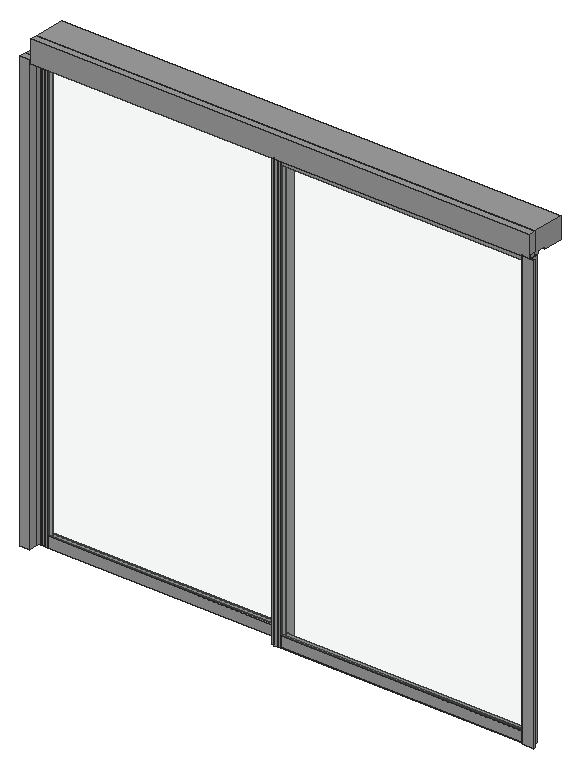
Revit family "agtatec_Record_SldngDrset_E-STA_Standalone", category Doors, Revit 2015
Parameters (values of type "E-STA-L 108 mm drive unit height - left - with side panel")
  WithoutSidePanels = and(not(RightPanel), not(LeftPanel))  # no
  WithoutDriveCladding(OnlyApplicableForTypesWithoutSidePanels) = not(WithDriveCladding)  # no
  WithinStandardSizes = and(OpeningWidth > 799.90 mm, OpeningWidth < 3000.10 mm, ClearHeightOfPassage < 3000.10 mm, ClearHeightOfPassage > 1999.90 mm)  # yes
  WithDriveCladding = yes
  Weight = "Depends on configuration and size"
  WarrantyDurationUnit = "Depends on country"
  WallOpeningWidth = if(and(RightPanel, LeftPanel), OpeningWidth + SidePanelWidthRight + SidePanelWidthLeft, if(RightPanel, OpeningWidth + SidePanelWidthRight, if(LeftPanel, OpeningWidth + SidePanelWidthLeft, OpeningWidth)))  # 2500.00 mm
  WallMountingRight = and(WallMountingProfile, RightPanel)  # no
  WallMountingProfile = yes
  WallMountingLeft = and(WallMountingProfile, LeftPanel)  # yes
  TotalWidth = if(LeftPanel, SidePanelWidthLeft + OpeningWidth + 55.00 mm, if(RightPanel, SidePanelWidthRight + OpeningWidth + 55.00 mm, OpeningWidth + 110.00 mm))  # 2555.00 mm
  TotalHeight = ClearHeightOfPassage + DriveUnitHeight  # 2295.00 mm
  SustainabilityPerformance = "n/a"
  SupportLengthRight = if(InterlancingProfileRight, (OpeningWidth - 46.00 mm) / 2 + SidePanelWidthRight + DriveUnitExtraWidthRight, (OpeningWidth / 2) + 16.00 mm)  # 616.00 mm
  SupportLengthLeft = if(InterlancingProfileLeft, (OpeningWidth - 46.00 mm) / 2 + SidePanelWidthLeft + DriveUnitExtraWidthLeft, (OpeningWidth / 2) + 16.00 mm)  # 1877.00 mm
  SupportLength = SupportLengthRight + SupportLengthLeft  # 2493.00 mm
  SidePanelWidthRight = OpeningWidth + 100.00 mm + ExtraRight  # 1300.00 mm
  SidePanelWidthLeft = OpeningWidth + 100.00 mm + ExtraLeft  # 1300.00 mm
  SidePanelMinimumStandard = InnerPanelWidth + 50.00 mm  # 1282.00 mm
  ServiceLifeType = "n/a"
  SecurityRating = "None"
  RightPanel = no
  Revision = "n/a"
  ProfileOpeningRight = if(InterlancingProfileLeft, DoorOpeningRestriction, 0.00 mm)  # 0.00 mm
  ProfileOpeningLeft = if(InterlancingProfileRight, DoorOpeningRestriction, 0.00 mm)  # 0.00 mm
  ProductInformation = "www.agta-record.com"
  Process = "n/a"
  PassageMountingRight = and([PassageMountingProfile(OnlyApplicableForTypesWithTwoSidePanels)], RightPanel)  # no
  PassageMountingProfile(OnlyApplicableForTypesWithTwoSidePanels) = not(WallMountingProfile)  # no
  PassageMountingLeft = and([PassageMountingProfile(OnlyApplicableForTypesWithTwoSidePanels)], LeftPanel)  # no
  PanelHeight = ClearHeightOfPassage + 13.00 mm  # 2200.00 mm
  PanelFrames = agtatec_Record_Sliding Door, Aluminium
  PanelFill = agtatec_Record_Sliding Door, Laminated Safety Glass (Clear)
  OuterPanelWidthRight = OpeningWidth + 73.00 mm + ExtraRight  # 1273.00 mm
  OuterPanelWidthLeft = OpeningWidth + 73.00 mm + ExtraLeft  # 1273.00 mm
  OpeningWidth = 1200.00 mm
  Name = "SldngDrset_E-STA_Standalone_Record"
  NBSTypeID = "n/a"
  NBSReference = "25-50-20/175"
  NBSOfficeMasterTag = "n/a"
  NBSNote = "n/a"
  NBSDescription = "Sliding Doorset"
  NBSCertification = "n/a"
  ModelNumber = "n/a"
  ModelLabel = "n/a"
  MethodOfMeasurement = "n/a"
  ManufacturerName = "Record"
  LeftPanel = yes
  InterlancingProfileRight = no
  InterlancingProfileLeft = yes
  InterlancingProfileHeight = PanelHeight - 5.00 mm  # 2195.00 mm
  InstallationDate [instance] = "1900-12-31T23:59:59"
  InnerPanelWidth = OpeningWidth + 32.00 mm  # 1232.00 mm
  IfcExportType = "Door"
  IfcExportAs = "ifcDoorStyle"
  Grade = "n/a"
  GlazingAreaFraction = "Depends on size. Can be calculated"
  FloorGuide = agtatec_Record_Sliding Door, Stainless Steel
  FireRating = "None"
  Fire Rating = "n/a"
  Features = "n/a"
  ExtraWidthRight = 0.00 mm
  ExtraWidthLeft = 0.00 mm
  ExtraRight = if(not(RightPanel), 0.00 mm, ExtraWidthRight)  # 0.00 mm
  ExtraLeft = if(not(LeftPanel), 0.00 mm, ExtraWidthLeft)  # 0.00 mm
  ExpectedLife = "n/a"
  DurationUnit = "year"
  DriveUnitHeight = 108.00 mm
  DriveUnitExtraWidthRight = 0.00 mm
  DriveUnitExtraWidthLeft = 0.00 mm
  DriveUnit = agtatec_Record_Sliding Door, Sheet Metal (Painted Steel)
  Width = TotalWidth  # 2555.00 mm
  WarrantyStartDate [instance] = "1900-12-31T23:59:59"
  WarrantyGuarantorParts = "Local door manufacturer"
  WarrantyGuarantorLabour = "Local door manufacturer"
  WarrantyDurationParts = "Depends on country"
  WarrantyDurationLabour = "Depends on country"
  WarrantyDescription = "Depends on country"
  Version = "Version 1.0"
  Uniclass2 = "Ss_25_30_20_77"
  URL = "www.agta-record.com"
  Type Comments = "n/a"
  ThresholdStripping = "No additional required, part of the doorset"
  ThresholdRequired = yes
  ThermalTransmittance = 0
  TagNumber [instance] = "n/a"
  SmokeStop = no
  Size = "n/a"
  Shape = "Rectangular"
  ServiceLifeDuration = "10-15 years"
  SerialNumber [instance] = "n/a"
  SelfClosing = yes
  Rough Width = TotalWidth + 6.00 mm  # 2561.00 mm
  Rough Height = TotalHeight + 6.00 mm  # 2301.00 mm
  ReplacementCost = "Depends on the configuration and door type"
  ReferenceStandard = "EN16005, EN16361, DIN 18650, etc."
  Reference = "n/a"
  ProductionYear = "n/a"
  PassageWidthOptions = "n/a"
  Operation = "n/a"
  NominalWidth = TotalWidth  # 2555.00 mm
  NominalLength = 0.00 mm
  NominalHeight = TotalHeight  # 2295.00 mm
  ModelReference = "Depends on the configuration"
  Model = "record Standard Linear Slider"
  Material = "Aluminium"
  ManufacturerURL = "www.agta-record.com"
  Manufacturer = "info@recorduk.co.uk"
  LeafColourOptions = "All RAL, customer specific"
  Keynote = "n/a"
  IssueDate = "n/a"
  IsExternal = yes
  Infiltration = "n/a"
  Height = TotalHeight  # 2295.00 mm
  HasDrive = yes
  HandicapAccessible = yes
  GlassType = "Part of glazing spec"
  GlassThickness2 = "6 mm (default)"
  GlassThickness1 = "6 mm (default)"
  GlassLayers = 2
  Function = Exterior
  FrameSeal = yes
  FrameProfile = "Aluminium"
  FrameMaterial = "Aluminium"
  FrameFinishOptions = "n/a"
  FireExit = no
  Finish = "Powder coated, Anodized, customer specific"
  ElectronicLock = yes
  DriveDepth2 = if([WithoutDriveCladding(OnlyApplicableForTypesWithoutSidePanels)], 0.00 mm, 37.00 mm)  # 37.00 mm
  DriveDepth = if([WithoutDriveCladding(OnlyApplicableForTypesWithoutSidePanels)], 157.00 mm, 194.00 mm)  # 194.00 mm
  DoorsetOperation = "Automatic"
  DoorsetFasteners = "Screws"
  DoorSeal = "yes"
  DoorOpeningRight = if(InterlancingProfileRight, SidePanelWidthLeft + DoorOpeningRestriction, (SidePanelWidthLeft - DoorOpeningRestriction))  # 1300.00 mm
  DoorOpeningRestriction = if(DoorOpening > OpeningWidth, OpeningWidth, DoorOpening)  # 0.00 mm
  DoorOpeningLeft = if(InterlancingProfileLeft, SidePanelWidthRight + DoorOpeningRestriction, (SidePanelWidthRight - DoorOpeningRestriction))  # 1300.00 mm
  DoorOpening = 0.00 mm
  DoorNumber = "n/a"
  DoorIncluded = yes
  Documentation = "n/a"
  DocumentReference = "n/a"
  DistanceToWall = if([WithoutDriveCladding(OnlyApplicableForTypesWithoutSidePanels)], 20.00 mm, 57.00 mm)  # 57.00 mm
  Description = "Automatic Sliding Door"
  Cost = 0
  Controller = "n/a"
  Construction Type = "Automatic Sliding Door"
  Constituents = "n/a"
  Configuration = "1 or 2"
  Colour = "Customer specific"
  CodePerformance = "n/a"
  ClearanceZones = no
  ClearanceZoneRight = if(not(InterlancingProfileRight), (SupportLength / 2) + 55.00 mm, if(or(not(RightPanel), DriveUnitExtraWidthRight > 0.00 mm), SupportLength / 2, if(not(WallMountingProfile), (SupportLength / 2) + 7.00 mm, (SupportLength / 2) + 23.00 mm)))  # 1301.50 mm
  ClearanceZoneLeft = if(not(InterlancingProfileLeft), (SupportLength / 2) + 55.00 mm, if(or(not(LeftPanel), DriveUnitExtraWidthLeft > 0.00 mm), SupportLength / 2, if(not(WallMountingProfile), (SupportLength / 2) + 7.00 mm, (SupportLength / 2) + 23.00 mm)))  # 1269.50 mm
  ClearHeightOfPassage = 2187.00 mm
  CladdingVoid = if(WithoutSidePanels, 9.00 mm, 41.00 mm)  # 41.00 mm
  CladdingProfile = not([WithoutDriveCladding(OnlyApplicableForTypesWithoutSidePanels)])  # yes
  CenterOfDoor = if(InterlancingProfileLeft, ((SidePanelWidthRight - 32.00 mm) + ((SupportLength) / 2)), 7.00 mm + (SupportLength / 2) - DriveUnitExtraWidthRight)  # 2514.50 mm
  Category = "n/a"
  BreakoutFacility = "n/a"
  BarCode [instance] = "n/a"
  BIMObjectName = "agtatec_Record_SlidingDoorset_E-STA_Standalone"
  Author = "agtatec"
  AssetType = "n/a"
  AssetIdentifier [instance] = "n/a"
  Assembly Code = "B2030110"
  AntiFingerTrapRequirement = yes
  AlternativeDoorsetGlazing = "Part of glazing spec"
  AcousticRating = "None"
  AccessoryOptions = "Contact manufacturer"
  AccessibilityPerformance = "n/a"
Reference planes
  plane 1 "Center (Front/Back)": y = 0
  plane 2: z = 0
  plane 3 "Ref": x = 6.997
  plane 4: y = 5
  plane 5: y = 101
  plane 6: z = 2295
  plane 7: z = 2187
  plane 8: z = 2545.08
  plane 9: x = -1244.003
  plane 10: z = 2315
  plane 11: y = 302
  plane 12 "Reference": z = 270
  plane 13 "2D Lines": z = 100
  plane 14: x = -1193.003
  plane 15: y = 57
  plane 16: x = 1306.997
  plane 17 "Ex Center (Left/Right)": x = -577.003
  plane 18: x = 38.997
  plane 19: x = 89.997
  plane 20: x = -1161.003
  plane 21: x = 18.997
  plane 22: x = -1173.003
  plane 23: x = -2461.003
  plane 24: y = 46
  plane 25: x = -1161.003
  plane 26: x = 6.997
  plane 27: y = 194
  plane 28 "Drive Unit - Front": y = 5
  plane 29: x = 38.997
  plane 30: x = -1193.003
  plane 31: x = 1299.997
  plane 32: x = -1193.003
  plane 33 "Center (Left/Right)": x = 53.497
  plane 34: x = 1322.997
  plane 35: x = -1248.003
Forms (mm)
  Extrusion 1, solid, material "agtatec_Record_Sliding Door, Aluminium" <- "PanelFrames", visible <- "PassageMountingLeft"
    sketch origin (-430.68, 0, 0) x (-1, 0, 0) y (0, -1, 0)
      loop
        line (-1697.677, -3) -> (-1697.677, 0) -> (-1737.677, 0) -> (-1737.677, -40) -> (-1697.677, -40) -> (-1697.677, -38) -> (-1734.677, -38) -> (-1734.677, -3) -> (-1697.677, -3)
    from 0 to 2187
  Extrusion 2, solid, material "agtatec_Record_Sliding Door, Aluminium" <- "PanelFrames", visible <- "WallMountingLeft"
    sketch origin (-430.68, 0, 0) x (1, 0, 0) y (0, 1, 0)
      loop
        line (1697.677, 38) -> (1734.677, 38) -> (1734.677, 3) -> (1697.677, 3) -> (1697.677, 0) -> (1753.677, 0) -> (1753.677, 4) -> (1737.677, 4) -> (1737.677, 40) -> (1697.677, 40) -> (1697.677, 38)
    from 0 to 2187
  Extrusion 3, solid, material "agtatec_Record_Sliding Door, Aluminium" <- "PanelFrames", visible <- "PassageMountingRight"
    sketch origin (-723.327, 0, 0) x (1, 0, 0) y (0, 1, 0)
      loop
        line (-1697.677, 3) -> (-1734.677, 3) -> (-1734.677, 38) -> (-1697.677, 38) -> (-1697.677, 40) -> (-1737.677, 40) -> (-1737.677, 0) -> (-1697.677, 0) -> (-1697.677, 3)
    from 0 to 2187
  Extrusion 4, solid, material "agtatec_Record_Sliding Door, Aluminium" <- "PanelFrames", visible <- "WallMountingRight"
    sketch origin (-723.327, 0, 0) x (-1, 0, 0) y (0, -1, 0)
      loop
        line (1697.677, 0) -> (1697.677, -3) -> (1734.677, -3) -> (1734.677, -38) -> (1697.677, -38) -> (1697.677, -40) -> (1737.677, -40) -> (1737.677, -4) -> (1753.677, -4) -> (1753.677, 0) -> (1697.677, 0)
    from 0 to 2187
  Extrusion 5, solid, material "Clearance Zones", visible <- "ClearanceZones"
    sketch origin (-1193.003, 0, -304.8) x (0, 0, -1) y (0, 1, 0)
      loop
        line (-2619.8, 0) -> (-304.8, 0) -> (-304.8, 302) -> (-2619.8, 302) -> (-2619.8, 0)
    from -55 to 2516
  Extrusion 6, solid, material "agtatec_Record_Sliding Door, Sheet Metal (Painted Steel)" <- "DriveUnit"
    sketch origin (-1193.003, 0, -304.8) x (0, 0, -1) y (0, 1, 0)
      loop
        line (-2491.8, 37) -> (-2491.8, 54) -> (-2504.8, 54) -> (-2504.8, 96) -> (-2491.8, 96) -> (-2491.8, 194) -> (-2599.8, 194) -> (-2599.8, 37) -> (-2491.8, 37)
    from 0 to 2493
  Extrusion 7, solid, material "agtatec_Record_Sliding Door, Sheet Metal (Painted Steel)" <- "DriveUnit", visible <- "CladdingProfile"
    sketch origin (-577.003, -62.403, 1200) x (0, -1, 0) y (0, 0, 1)
      loop
        line (-62.403, 987) -> (-62.403, 1095) -> (-99.403, 1095) -> (-99.403, 987) -> (-62.403, 987)
    from -1877 to 616
  Extrusion 8, void
    sketch origin (-1826.039, 46, 1200) x (1, 0, 0) y (0, 0, 1)
      loop
        line (633.035, 1000) -> (633.035, 987) -> (3126.035, 987) -> (3126.035, 1000) -> (633.035, 1000)
    from 0 to 41 <- "CladdingVoid"
Cuts and joins
  Extrusion 8 cuts Extrusion 1
  Extrusion 8 cuts Extrusion 2
  Extrusion 8 cuts Extrusion 7
Lines and regions (mm)
  Masking region 1, visible <- "PassageMountingLeft"
    outline origin (0, 0, 0) x (1, 0, 0) y (0, 1, 0)
      loop
        line (1266.997, 38) -> (1303.997, 38) -> (1303.997, 3) -> (1266.997, 3) -> (1266.997, 0) -> (1306.997, 0) -> (1306.997, 40) -> (1266.997, 40) -> (1266.997, 38)
  Masking region 2, visible <- "WallMountingLeft"
    outline origin (0, 0, 0) x (1, 0, 0) y (0, 1, 0)
      loop
        line (1266.997, 40) -> (1266.997, 38) -> (1303.997, 38) -> (1303.997, 3) -> (1266.997, 3) -> (1266.997, 0) -> (1322.997, 0) -> (1322.997, 4) -> (1306.997, 4) -> (1306.997, 40) -> (1266.997, 40)
  Masking region 3, visible <- "PassageMountingRight"
    outline origin (0, 0, 0) x (1, 0, 0) y (0, 1, 0)
      loop
        line (-2461.003, 40) -> (-2461.003, 0) -> (-2421.003, 0) -> (-2421.003, 3) -> (-2458.003, 3) -> (-2458.003, 38) -> (-2421.003, 38) -> (-2421.003, 40) -> (-2461.003, 40)
  Masking region 4, visible <- "WallMountingRight"
    outline origin (0, 0, 0) x (1, 0, 0) y (0, 1, 0)
      loop
        line (-2477.003, 0) -> (-2421.003, 0) -> (-2421.003, 3) -> (-2458.003, 3) -> (-2458.003, 38) -> (-2421.003, 38) -> (-2421.003, 40) -> (-2461.003, 40) -> (-2461.003, 4) -> (-2477.003, 4) -> (-2477.003, 0)
  symbolic lines, style "Opening simbol"
    curve 1: line (-502.003, -50, 0) -> (-652.003, -50, 0)
  symbolic lines, style "Opening simbol", visible <- "InterlancingProfileLeft"
    curve 2: line (-502.003, -50, 0) -> (-537.359, -14.645, 0)
    curve 3: line (-502.003, -50, 0) -> (-537.359, -85.355, 0)
  symbolic lines, style "Opening simbol", visible <- "InterlancingProfileRight"
    curve 4: line (-652.003, -50, 0) -> (-616.648, -14.645, 0)
    curve 5: line (-652.003, -50, 0) -> (-616.648, -85.355, 0)
Text (mm)
  text "Right" at (-1678.087, 0, 3204.03), in view "Back"
  text "Left" at (1021.913, 0, 3204.03), in view "Back"
Dimensions and locks
  locked: plane 4 to plane 1 "Center (Front/Back)" at 5
  locked: plane 1 "Center (Front/Back)" to plane 5 at 101
  "DriveUnitHeight": plane 6 to plane 7
  locked: plane 8 to plane 7 at 358.08
  "ClearHeightOfPassage": plane 7 to plane 2
  locked: plane 10 to plane 6 at 20
  "OpeningWidth": plane 14 to plane 3 "Ref"
  locked: plane 9 to plane 14 at 51
  "SidePanelWidthLeft": plane 3 "Ref" to plane 16
  locked: plane 18 to plane 19 at 51
  "OpeningWidth": plane 20 to plane 18
  "InnerPanelWidth": plane 14 to plane 18
  equal spacing: plane 14, plane 17 "Ex Center (Left/Right)", plane 18
  locked: plane 3 "Ref" to plane 21 at 12
  locked: plane 22 to plane 20 at 12
  "SidePanelWidthRight": plane 23 to plane 20
  locked: plane 1 "Center (Front/Back)" to plane 24 at 46
  "DistanceToWall": plane 15 to plane 1 "Center (Front/Back)"
  "DoorOpeningLeft": plane 23 to plane 25
  "DoorOpeningRight": plane 26 to plane 16
  "DriveDepth": plane 1 "Center (Front/Back)" to plane 27
  "DriveUnitHeight": plane 27 to plane 11
  locked: plane 15 to nested 6 at 20
  locked: plane 15 to nested 2 at 20
  locked: Extrusion 6 sketch curve to Extrusion 6 sketch curve at 98
  "ProfileOpeningRight": plane 18 to plane 29
  "ProfileOpeningLeft": plane 30 to plane 14
  "SupportLengthLeft": plane 17 "Ex Center (Left/Right)" to plane 31
  "SupportLengthRight": plane 32 to plane 17 "Ex Center (Left/Right)"
  "DriveDepth2": plane 1 "Center (Front/Back)" to Extrusion 6 sketch curve
  locked: Extrusion 8 sketch curve to Extrusion 8 sketch curve at 13
  "CenterOfDoor": plane 23 to plane 33 "Center (Left/Right)"
  "ClearanceZoneLeft": plane 33 "Center (Left/Right)" to plane 34
  "ClearanceZoneRight": plane 35 to plane 33 "Center (Left/Right)"
  aligned and locked: plane 2 to level
  aligned and locked: plane 7 to Extrusion 2
  aligned and locked: plane 7 to Extrusion 1
  aligned and locked: plane 16 to Extrusion 1
  aligned and locked: nested 1 to plane 21
  aligned and locked: plane 15 to nested 3
  aligned and locked: plane 20 to nested 6
  aligned and locked: nested 2 to plane 3 "Ref"
  aligned and locked: plane 7 to Extrusion 3
  aligned and locked: plane 7 to Extrusion 4
  aligned and locked: plane 15 to nested 4
  aligned and locked: plane 10 to Extrusion 5 sketch curve
  aligned and locked: plane 11 to Extrusion 5 sketch curve
  aligned and locked: plane 1 "Center (Front/Back)" to Extrusion 5 sketch curve
  aligned and locked: level to Extrusion 5 sketch curve
  aligned and locked: nested 5 to plane 15
  aligned and locked: nested 7 to plane 15
  aligned and locked: plane 7 to Extrusion 6 sketch curve  (x2)
  aligned and locked: Extrusion 6 sketch curve to plane 6
  aligned and locked: plane 27 to Extrusion 6 sketch curve
  aligned and locked: nested 5 to plane 30
  aligned and locked: plane 30 to nested 4
  aligned and locked: nested 3 to plane 29
  aligned and locked: plane 29 to nested 7
  aligned and locked: plane 31 to Extrusion 6
  aligned and locked: plane 22 to nested 8
  aligned and locked: Extrusion 8 sketch curve to plane 31
  aligned and locked: plane 32 to Extrusion 8 sketch curve
  aligned and locked: plane 31 to cut or joined group of Extrusion 7, Extrusion 8
  aligned and locked: cut or joined group of Extrusion 7, Extrusion 8 to plane 32
  aligned and locked: Extrusion 5 to plane 35
  aligned and locked: plane 34 to Extrusion 5
Automatic sketch dimensions
  Masking region 1 sketch curve to plane 4 = 2.00 mm
  plane 1 "Center (Front/Back)" to Masking region 1 sketch curve = 0.00 mm
  Masking region 1 sketch curve to plane 16 = 0.00 mm
  Masking region 1 sketch curve to plane 16 = 3.00 mm
  Masking region 1 sketch curve to plane 24 = 8.00 mm
  Masking region 1 sketch curve to Masking region 1 sketch curve = 37.00 mm  (x2)
  plane 17 "Ex Center (Left/Right)" to curve 1 = 75.00 mm
  plane 17 "Ex Center (Left/Right)" to curve 5 = 39.645 mm
  plane 1 "Center (Front/Back)" to curve 4 = 14.645 mm
  plane 17 "Ex Center (Left/Right)" to curve 4 = 39.645 mm
  plane 1 "Center (Front/Back)" to curve 2 = 14.645 mm
  curve 2 to plane 17 "Ex Center (Left/Right)" = 39.645 mm
  curve 3 to plane 17 "Ex Center (Left/Right)" = 39.645 mm
  plane 1 "Center (Front/Back)" to curve 2 = 50.00 mm
  curve 3 to curve 2 = 35.355 mm
  Extrusion 1 sketch curve to plane 16 = 0.00 mm
  plane 1 "Center (Front/Back)" to Extrusion 1 sketch curve = 0.00 mm
  plane 24 to Extrusion 1 sketch curve = 8.00 mm
  Extrusion 1 sketch curve to Extrusion 1 sketch curve = 37.00 mm
  Extrusion 1 sketch curve to Extrusion 1 sketch curve = 0.00 mm
  plane 4 to Extrusion 1 sketch curve = 2.00 mm
  plane 24 to Extrusion 1 sketch curve = 6.00 mm
  Masking region 1 sketch curve to Masking region 1 sketch curve = 2.00 mm
  plane 1 "Center (Front/Back)" to Extrusion 2 sketch curve = 0.00 mm
  Extrusion 2 sketch curve to plane 16 = 0.00 mm
  Extrusion 2 sketch curve to plane 24 = 8.00 mm
  Extrusion 2 sketch curve to Extrusion 2 sketch curve = 37.00 mm  (x2)
  plane 16 to Extrusion 2 sketch curve = 16.00 mm
  Extrusion 2 sketch curve to plane 4 = 2.00 mm
  Extrusion 2 sketch curve to plane 4 = 1.00 mm
  Extrusion 2 sketch curve to Extrusion 2 sketch curve = 2.00 mm
  plane 1 "Center (Front/Back)" to Masking region 2 sketch curve = 0.00 mm
  Masking region 2 sketch curve to plane 16 = 0.00 mm
  Masking region 2 sketch curve to plane 24 = 8.00 mm
  Masking region 2 sketch curve to Masking region 2 sketch curve = 37.00 mm  (x2)
  plane 16 to Masking region 2 sketch curve = 16.00 mm
  Masking region 2 sketch curve to plane 4 = 2.00 mm
  Masking region 2 sketch curve to plane 4 = 1.00 mm
  Masking region 2 sketch curve to Masking region 2 sketch curve = 2.00 mm
  plane 16 to Extrusion 1 sketch curve = 3.00 mm
  Extrusion 2 sketch curve to plane 16 = 3.00 mm
  Masking region 2 sketch curve to plane 16 = 3.00 mm
  Extrusion 3 sketch curve to plane 23 = 0.00 mm
  Extrusion 3 sketch curve to plane 4 = 2.00 mm
  plane 1 "Center (Front/Back)" to Extrusion 3 sketch curve = 0.00 mm
  Extrusion 3 sketch curve to plane 23 = 3.00 mm
  Extrusion 3 sketch curve to plane 24 = 8.00 mm
  Extrusion 3 sketch curve to Extrusion 3 sketch curve = 37.00 mm  (x2)
  Extrusion 3 sketch curve to plane 24 = 6.00 mm
  Extrusion 4 sketch curve to plane 23 = 0.00 mm
  Extrusion 4 sketch curve to plane 1 "Center (Front/Back)" = 0.00 mm
  plane 23 to Extrusion 4 sketch curve = 3.00 mm
  Extrusion 4 sketch curve to Extrusion 4 sketch curve = 37.00 mm  (x2)
  plane 24 to Extrusion 4 sketch curve = 8.00 mm
  Extrusion 4 sketch curve to plane 23 = 16.00 mm
  plane 4 to Extrusion 4 sketch curve = 2.00 mm
  plane 4 to Extrusion 4 sketch curve = 1.00 mm
  Extrusion 4 sketch curve to Extrusion 4 sketch curve = 2.00 mm
  Masking region 4 sketch curve to plane 1 "Center (Front/Back)" = 0.00 mm
  Masking region 4 sketch curve to plane 23 = 0.00 mm
  plane 23 to Masking region 4 sketch curve = 16.00 mm
  Masking region 4 sketch curve to plane 4 = 1.00 mm
  Masking region 4 sketch curve to plane 23 = 3.00 mm
  Masking region 4 sketch curve to plane 24 = 6.00 mm
  Masking region 4 sketch curve to Masking region 4 sketch curve = 37.00 mm
  Masking region 4 sketch curve to plane 4 = 2.00 mm
  Masking region 4 sketch curve to Masking region 4 sketch curve = 0.00 mm
  Masking region 4 sketch curve to Masking region 4 sketch curve = 2.00 mm
  plane 1 "Center (Front/Back)" to Masking region 3 sketch curve = 0.00 mm
  Masking region 3 sketch curve to plane 23 = 0.00 mm
  Masking region 3 sketch curve to plane 23 = 3.00 mm
  Masking region 3 sketch curve to plane 4 = 2.00 mm
  Masking region 3 sketch curve to Masking region 3 sketch curve = 37.00 mm
  Masking region 3 sketch curve to plane 24 = 6.00 mm
  Masking region 3 sketch curve to Masking region 3 sketch curve = 0.00 mm
  Masking region 3 sketch curve to Masking region 3 sketch curve = 2.00 mm
  Extrusion 7 sketch curve to plane 7 = 0.00 mm
  Extrusion 7 sketch curve to plane 6 = 0.00 mm
  Extrusion 7 sketch curve to plane 1 "Center (Front/Back)" = 0.00 mm
  Extrusion 7 sketch curve to plane 24 = 9.00 mm
  Extrusion 8 sketch curve to plane 7 = 0.00 mm
  Extrusion 6 sketch curve to plane 15 = 3.00 mm
  plane 7 to Extrusion 6 sketch curve = 13.00 mm
Nested families
  nested 1: "Outer Panel" at (18.997, 5, 0), visible <- "LeftPanel", type "Left Panel"
    with Panel Height 2200.00 mm
  nested 2: "Interlacing profile - Outer" at (18.997, 37, 5) x (0, 1, 0) z (0, 0, 1), visible <- "InterlancingProfileLeft", type "Default"
    with Without side panels no, Interlacing profile 2 no, Interlacing profile 1 yes
  nested 3: "Interlacing profile - Inner" at (38.997, 57, 5) x (0, -1, 0) z (0, 0, 1), type "Left"
  nested 4: "Inner Panel" at (38.997, 57, 0) x (-1, 0, 0) z (0, 0, 1), visible <- "InterlancingProfileRight", type "Inner Panel"
  nested 5: "Interlacing profile - Inner" at (-1193.003, 57, 5) x (0, -1, 0) z (0, 0, 1), type "Right"
    with Side Panel yes, Opposite Panel no, Interlacing profile 3 no, Interlacing profile 2 yes, Interlacing profile 1 yes
  nested 6: "Interlacing profile - Outer" at (-1173.003, 37, 5) x (0, 1, 0) z (0, 0, 1), visible <- "InterlancingProfileRight", type "Default"
    with Without side panels no, Interlacing profile 2 no, Interlacing profile 1 yes
  nested 7: "Inner Panel" at (-1193.003, 57, 0), visible <- "InterlancingProfileLeft", type "Inner Panel"
  nested 8: "Outer Panel" at (-1173.003, 37, 0) x (-1, 0, 0) z (0, 0, 1), visible <- "RightPanel", type "Right Panel"
    with Right Panel yes, Panel Height 2200.00 mm, Left Panel no
Definition of nested family "Outer Panel"
  Parameters
    Right Panel = no
    Panel Height = 2163.00 mm
    Panel Glass = none
    Panel Frames = none
    Outer Panel Width = 1273.00 mm
    Left Panel = yes
  Reference planes
    plane 1 "Center (Front/Back)": y = 0
    plane 2: z = 0
    plane 3 "Center (Left/Right)": x = 0
    plane 4: x = 1273
    plane 5: z = 2163
    plane 6: x = 1241
    plane 7: x = 32
    plane 8: z = 2144
    plane 9 "Above": z = 42
    plane 10: x = 1254.5
    plane 11: x = 18.5
    plane 12: y = 32
    plane 13: x = 10
  Forms (mm)
    Extrusion 1, solid, material <- "Panel Frames"
      sketch origin (0, 0, 0) x (1, 0, 0) y (0, 1, 0)
        loop
          line (0, 0) -> (32, 0) -> (32, 2.5) -> (16, 2.5) -> (16, 29.5) -> (32, 29.5) -> (32, 32) -> (0, 32) -> (0, 0)
      from 0 to 2163
    Extrusion 2, solid, material <- "Panel Frames"
      sketch origin (591.5, 0, 0) x (-1, 0, 0) y (0, -1, 0)
        loop
          line (-681.5, 0) -> (-681.5, -32) -> (-649.5, -32) -> (-649.5, -29.5) -> (-665.5, -29.5) -> (-665.5, -2.5) -> (-649.5, -2.5) -> (-649.5, 0) -> (-681.5, 0)
      from 0 to 2163
    Extrusion 3, solid, material <- "Panel Frames"
      sketch origin (75, 0, 0) x (0, 1, 0) y (0, 0, 1)
        loop
          line (0, 2163) -> (0, 2131) -> (2.5, 2131) -> (2.5, 2147) -> (29.5, 2147) -> (29.5, 2131) -> (32, 2131) -> (32, 2163) -> (0, 2163)
      from -43 to 1166
    Extrusion 4, solid, material <- "Panel Glass"
      sketch origin (0, 0, 0) x (1, 0, 0) y (0, 1, 0)
        loop
          line (18.5, 28) -> (18.5, 4) -> (1254.5, 4) -> (1254.5, 28) -> (18.5, 28)
      from 42 to 2144
    Extrusion 5, solid, material <- "Panel Frames"
      sketch origin (20, 0, 0) x (0, 1, 0) y (0, 0, 1)
        loop
          line (0, 5) -> (3.25, 5) -> (3.25, 0) -> (28.75, 0) -> (28.75, 5) -> (32, 5) -> (32, 55) -> (29.5, 55) -> (29.5, 39) -> (2.5, 39) -> (2.5, 55) -> (0, 55) -> (0, 5)
      from 12 to 1221
  Lines and regions (mm)
    Masking region 1
      outline origin (0, 0, 0) x (1, 0, 0) y (0, 1, 0)
        loop
          line (0, 32) -> (0, 0) -> (10, 0) -> (1273, 0) -> (1273, 32) -> (10, 32) -> (0, 32)
    symbolic lines, detail levels medium+fine
      curve 1: line (1241, 32, 42) -> (1241, 29.5, 42)
      curve 2: line (32, 32, 42) -> (32, 29.5, 42)
      curve 18: line (1241, 2.5, 42) -> (1241, 0, 42)
      curve 20: line (32, 2.5, 42) -> (32, 0, 42)
    symbolic lines, detail levels fine
      curve 3: line (32, 28, 42) -> (1241, 28, 42)
      curve 4: line (32, 4, 42) -> (1241, 4, 42)
      curve 5: line (1241, 29.5, 42) -> (1257, 29.5, 42)
      curve 6: line (1257, 29.5, 42) -> (1257, 2.5, 42)
      curve 7: line (1257, 2.5, 42) -> (1241, 2.5, 42)
      curve 8: line (1241, 28, 42) -> (1254.5, 28, 42)
      curve 9: line (1254.5, 28, 42) -> (1254.5, 4, 42)
      curve 10: line (1254.5, 4, 42) -> (1241, 4, 42)
      curve 11: line (32, 29.5, 42) -> (16, 29.5, 42)
      curve 12: line (16, 29.5, 42) -> (16, 2.5, 42)
      curve 13: line (16, 2.5, 42) -> (32, 2.5, 42)
      curve 14: line (32, 4, 42) -> (18.5, 4, 42)
      curve 15: line (18.5, 4, 42) -> (18.5, 28, 42)
      curve 16: line (18.5, 28, 42) -> (32, 28, 42)
    symbolic lines, detail levels medium
      curve 17: line (1241, 29.5, 42) -> (1241, 2.5, 42)
      curve 19: line (32, 29.5, 42) -> (32, 2.5, 42)
    symbolic lines, visible <- "Right Panel"
      curve 21: line (0, 32, 42) -> (10, 32, 42)
    symbolic lines, visible <- "Left Panel"
      curve 22: line (10, 0, 42) -> (0, 0, 42)
  Dimensions and locks
    "Panel Height": plane 5 to plane 2
    locked: plane 7 to plane 3 "Center (Left/Right)" at 32
    locked: plane 6 to plane 4 at 32
    locked: plane 5 to plane 8 at 19
    locked: plane 9 "Above" to level at 42
    locked: plane 4 to plane 10 at 18.5
    locked: plane 11 to plane 3 "Center (Left/Right)" at 18.5
    "Outer Panel Width": plane 4 to plane 3 "Center (Left/Right)"
    locked: plane 3 "Center (Left/Right)" to plane 13 at 10
    aligned and locked: plane 2 to level
    aligned and locked: plane 5 to Extrusion 2
    aligned and locked: plane 5 to Extrusion 1
    aligned and locked: Extrusion 3 to plane 7
    aligned and locked: Extrusion 3 to plane 6
    aligned and locked: plane 8 to Extrusion 4
    aligned and locked: Extrusion 4 to plane 9 "Above"
    aligned and locked: Extrusion 4 to plane 10
    aligned and locked: Extrusion 4 to plane 11
    aligned and locked: Extrusion 1 to level
    aligned and locked: Extrusion 2 to level
    aligned and locked: Extrusion 5 to plane 6
    aligned and locked: Extrusion 5 to plane 7
    aligned and locked: Masking region 1 sketch curve to plane 4
    aligned and locked: plane 13 to Masking region 1 sketch curve  (x2)
  Automatic sketch dimensions
    Extrusion 1 sketch curve to plane 3 "Center (Left/Right)" = 0.00 mm
    Extrusion 1 sketch curve to plane 7 = 0.00 mm  (x2)
    plane 1 "Center (Front/Back)" to Extrusion 1 sketch curve = 0.00 mm
    Extrusion 1 sketch curve to plane 11 = 2.50 mm
    Extrusion 1 sketch curve to Extrusion 1 sketch curve = 2.50 mm  (x2)
    Extrusion 1 sketch curve to Extrusion 1 sketch curve = 27.00 mm
    Extrusion 2 sketch curve to plane 4 = 0.00 mm
    Extrusion 2 sketch curve to plane 6 = 0.00 mm  (x2)
    plane 1 "Center (Front/Back)" to Extrusion 2 sketch curve = 0.00 mm
    plane 10 to Extrusion 2 sketch curve = 2.50 mm
    Extrusion 2 sketch curve to Extrusion 2 sketch curve = 2.50 mm  (x2)
    Extrusion 2 sketch curve to Extrusion 2 sketch curve = 27.00 mm
    Extrusion 3 sketch curve to plane 1 "Center (Front/Back)" = 0.00 mm
    Extrusion 3 sketch curve to plane 5 = 0.00 mm
    Extrusion 3 sketch curve to plane 1 "Center (Front/Back)" = 2.50 mm
    plane 8 to Extrusion 3 sketch curve = 3.00 mm
    Extrusion 3 sketch curve to Extrusion 3 sketch curve = 27.00 mm
    Extrusion 3 sketch curve to Extrusion 3 sketch curve = 2.50 mm
    Extrusion 3 sketch curve to plane 8 = 13.00 mm  (x2)
    Extrusion 4 sketch curve to plane 11 = 0.00 mm
    Extrusion 4 sketch curve to plane 10 = 0.00 mm
    Extrusion 4 sketch curve to plane 1 "Center (Front/Back)" = 4.00 mm
    Extrusion 4 sketch curve to Extrusion 4 sketch curve = 24.00 mm
    Extrusion 5 sketch curve to plane 1 "Center (Front/Back)" = 0.00 mm
    Extrusion 5 sketch curve to level = 0.00 mm
    Extrusion 5 sketch curve to plane 1 "Center (Front/Back)" = 3.25 mm
    Extrusion 5 sketch curve to plane 1 "Center (Front/Back)" = 2.50 mm
    level to Extrusion 5 sketch curve = 5.00 mm
    Extrusion 5 sketch curve to Extrusion 5 sketch curve = 25.50 mm
    plane 9 "Above" to Extrusion 5 sketch curve = 13.00 mm  (x2)
    Extrusion 5 sketch curve to Extrusion 5 sketch curve = 27.00 mm
    Extrusion 5 sketch curve to Extrusion 5 sketch curve = 2.50 mm
    Extrusion 5 sketch curve to Extrusion 5 sketch curve = 5.00 mm
    Extrusion 5 sketch curve to plane 9 "Above" = 3.00 mm
    plane 1 "Center (Front/Back)" to Masking region 1 sketch curve = 0.00 mm
    Masking region 1 sketch curve to plane 3 "Center (Left/Right)" = 0.00 mm
    Masking region 1 sketch curve to plane 12 = 0.00 mm
    curve 9 to plane 10 = 0.00 mm
    curve 5 to plane 6 = 0.00 mm
    curve 3 to plane 6 = 0.00 mm
    curve 11 to plane 7 = 0.00 mm
    curve 3 to plane 7 = 0.00 mm
    curve 15 to plane 11 = 0.00 mm
    curve 21 to plane 12 = 0.00 mm
    curve 21 to plane 13 = 0.00 mm
    plane 1 "Center (Front/Back)" to curve 22 = 0.00 mm
    curve 22 to plane 13 = 0.00 mm
    curve 22 to plane 3 "Center (Left/Right)" = 0.00 mm
    curve 21 to plane 3 "Center (Left/Right)" = 0.00 mm
    curve 2 to plane 12 = 0.00 mm
    curve 1 to plane 12 = 0.00 mm
    plane 1 "Center (Front/Back)" to curve 18 = 0.00 mm
    plane 1 "Center (Front/Back)" to curve 20 = 0.00 mm
    curve 5 to plane 10 = 2.50 mm
    curve 12 to plane 11 = 2.50 mm
    curve 2 to curve 2 = 2.50 mm
    curve 1 to plane 12 = 2.50 mm
    curve 1 to curve 8 = 1.50 mm
    curve 10 to plane 1 "Center (Front/Back)" = 4.00 mm
    curve 4 to plane 1 "Center (Front/Back)" = 4.00 mm
    curve 14 to curve 4 = 0.00 mm
    curve 4 to curve 7 = 1.50 mm
    curve 14 to curve 13 = 1.50 mm
Definition of nested family "Interlacing profile - Outer"
  Parameters
    Without side panels = yes
    Wall Mounting Option 2 = no
    Panel Frames = none
    Interlancing Profile Height = 2195.00 mm
    Interlacing profile 3 = and(Without side panels, Wall Mounting Option 2)  # no
    Interlacing profile 2 = and(Without side panels, not(Wall Mounting Option 2))  # yes
    Interlacing profile 1 = not(Without side panels)  # no
  Reference planes
    plane 1 "Center (Front/Back)": y = 0
    plane 2: z = 0
    plane 3 "Center (Left/Right)": x = 0
    plane 4: z = 2195
    plane 5 "Above": z = 40
    plane 6: y = -12
  Forms (mm)
    Extrusion 1, solid, material <- "Panel Frames", visible <- "Interlacing profile 1"
      sketch origin (0, 0, 0) x (1, 0, 0) y (0, 1, 0)
        loop
          line (0, 0) -> (-32, 0) -> (-32, -12) -> (17, -12) -> (17, 10) -> (0, 10) -> (0, 0)
      from 0 to 2195
    Extrusion 2, solid, material <- "Panel Frames", visible <- "Interlacing profile 2"
      sketch origin (0, 0, 0) x (1, 0, 0) y (0, 1, 0)
        loop
          line (4.45, 10) -> (4.45, 7.5) -> (-33.5, 7.5) -> (-33.5, 32) -> (-37, 32) -> (-37, -12) -> (17, -12) -> (17, 10) -> (4.45, 10)
      from 0 to 2195
    Extrusion 3, solid, material <- "Panel Frames", visible <- "Interlacing profile 3"
      sketch origin (0, 0, 0) x (1, 0, 0) y (0, 1, 0)
        loop
          line (17, 10) -> (1.7, 10) -> (1.7, 32) -> (0, 32) -> (0, -12) -> (17, -12) -> (17, 10)
      from 0 to 2195
  Lines and regions (mm)
    Masking region 1, visible <- "Interlacing profile 1"
      outline origin (0, 0, 0) x (1, 0, 0) y (0, 1, 0)
        loop
          line (0, 10) -> (0, 0) -> (-32, 0) -> (-32, -12) -> (17, -12) -> (17, 10) -> (0, 10)
    Masking region 2, visible <- "Interlacing profile 2"
      outline origin (0, 0, 0) x (1, 0, 0) y (0, 1, 0)
        loop
          line (17, -12) -> (17, 10) -> (4.45, 10) -> (4.45, 7.5) -> (-33.5, 7.5) -> (-33.5, 32) -> (-37, 32) -> (-37, -12) -> (17, -12)
    Masking region 3, visible <- "Interlacing profile 3"
      outline origin (0, 0, 0) x (1, 0, 0) y (0, 1, 0)
        loop
          line (17, 10) -> (1.7, 10) -> (1.7, 32) -> (0, 32) -> (0, -12) -> (17, -12) -> (17, 10)
    symbolic lines, visible <- "Interlacing profile 1", detail levels medium+fine
      curve 1: line (0, 10, 40) -> (0, 0, 40)
      curve 2: line (0, 0, 40) -> (-32, 0, 40)
  Dimensions and locks
    "Interlancing Profile Height": plane 4 to level
    aligned and locked: plane 4 to Extrusion 1
    aligned and locked: plane 4 to Extrusion 2
    aligned and locked: plane 4 to Extrusion 3
    aligned and locked: Extrusion 1 to plane 6
  Automatic sketch dimensions
    plane 1 "Center (Front/Back)" to curve 1 = 0.00 mm
    curve 1 to plane 3 "Center (Left/Right)" = 0.00 mm
    curve 2 to plane 3 "Center (Left/Right)" = 32.00 mm
    curve 1 to plane 1 "Center (Front/Back)" = 10.00 mm
    Extrusion 1 sketch curve to plane 6 = 0.00 mm
    plane 1 "Center (Front/Back)" to Extrusion 1 sketch curve = 0.00 mm
    Extrusion 1 sketch curve to plane 3 "Center (Left/Right)" = 0.00 mm
    Extrusion 1 sketch curve to plane 3 "Center (Left/Right)" = 32.00 mm
    plane 3 "Center (Left/Right)" to Extrusion 1 sketch curve = 17.00 mm
    Extrusion 1 sketch curve to plane 1 "Center (Front/Back)" = 10.00 mm
    Masking region 1 sketch curve to plane 6 = 0.00 mm
    plane 1 "Center (Front/Back)" to Masking region 1 sketch curve = 0.00 mm
    Masking region 1 sketch curve to plane 3 "Center (Left/Right)" = 0.00 mm
    Masking region 1 sketch curve to plane 3 "Center (Left/Right)" = 32.00 mm
    plane 3 "Center (Left/Right)" to Masking region 1 sketch curve = 17.00 mm
    Masking region 1 sketch curve to Masking region 1 sketch curve = 10.00 mm
    Extrusion 3 sketch curve to plane 3 "Center (Left/Right)" = 0.00 mm
    Extrusion 3 sketch curve to plane 6 = 0.00 mm
    plane 3 "Center (Left/Right)" to Extrusion 3 sketch curve = 1.70 mm
    plane 3 "Center (Left/Right)" to Extrusion 3 sketch curve = 17.00 mm
    Extrusion 3 sketch curve to plane 1 "Center (Front/Back)" = 10.00 mm
    Extrusion 3 sketch curve to Extrusion 3 sketch curve = 22.00 mm
    Masking region 3 sketch curve to plane 3 "Center (Left/Right)" = 0.00 mm
    Masking region 3 sketch curve to plane 6 = 0.00 mm
    plane 3 "Center (Left/Right)" to Masking region 3 sketch curve = 1.70 mm
    Masking region 3 sketch curve to Masking region 3 sketch curve = 15.30 mm
    Masking region 3 sketch curve to plane 1 "Center (Front/Back)" = 10.00 mm
    Masking region 3 sketch curve to Masking region 3 sketch curve = 22.00 mm
    Masking region 2 sketch curve to plane 6 = 0.00 mm
    Masking region 2 sketch curve to Masking region 2 sketch curve = 3.50 mm
    Masking region 2 sketch curve to Masking region 2 sketch curve = 37.95 mm
    plane 3 "Center (Left/Right)" to Masking region 2 sketch curve = 4.45 mm
    plane 3 "Center (Left/Right)" to Masking region 2 sketch curve = 17.00 mm
    Masking region 2 sketch curve to plane 1 "Center (Front/Back)" = 7.50 mm
    Masking region 2 sketch curve to Masking region 2 sketch curve = 2.50 mm
    Masking region 2 sketch curve to Masking region 2 sketch curve = 22.00 mm
    Extrusion 2 sketch curve to plane 6 = 0.00 mm
    Extrusion 2 sketch curve to plane 3 "Center (Left/Right)" = 37.00 mm
    Extrusion 2 sketch curve to plane 1 "Center (Front/Back)" = 7.50 mm
    Extrusion 2 sketch curve to Extrusion 2 sketch curve = 3.50 mm
    plane 3 "Center (Left/Right)" to Extrusion 2 sketch curve = 4.45 mm
    Extrusion 2 sketch curve to Extrusion 2 sketch curve = 12.55 mm
    Extrusion 2 sketch curve to Extrusion 2 sketch curve = 22.00 mm
    Extrusion 2 sketch curve to plane 1 "Center (Front/Back)" = 10.00 mm
Definition of nested family "Interlacing profile - Inner"
  Parameters
    Without side panels = no
    Wall Mounting Option 2 = no
    Side Panel = no
    Panel Frames = none
    Opposite Panel = yes
    Interlancing Profile Height = 2195.00 mm
    Interlacing profile 4 = and(Opposite Panel, Without side panels, not(Wall Mounting Option 2))  # no
    Interlacing profile 3 = or(and(not(Interlacing profile 4), not(Side Panel)), and(not(Side Panel), Wall Mounting Option 2))  # yes
    Interlacing profile 2 = and(Side Panel, not(Wall Mounting Option 2))  # no
    Interlacing profile 1 = Side Panel  # no
  Reference planes
    plane 1 "Center (Front/Back)": y = 0
    plane 2: z = 0
    plane 3 "Center (Left/Right)": x = 0
    plane 4: z = 2195
    plane 5 "Above": z = 40
    plane 6: y = -55
  Forms (mm)
    Extrusion 1, solid, material <- "Panel Frames", visible <- "Interlacing profile 2"
      sketch origin (0, -5, 0) x (1, 0, 0) y (0, 1, 0)
        loop
          line (20, 0) -> (20, -50) -> (57, -50) -> (57, 0) -> (20, 0)
      from 0 to 2195
    Extrusion 2, solid, material <- "Panel Frames", visible <- "Interlacing profile 1"
      sketch origin (0, -5, 0) x (1, 0, 0) y (0, 1, 0)
        loop
          line (20, 0) -> (-32, 0) -> (-32, -50) -> (20, -50) -> (20, 0)
      from 0 to 2195
    Extrusion 3, solid, material <- "Panel Frames", visible <- "Interlacing profile 1"
      sketch origin (0, -5, 0) x (1, 0, 0) y (0, 1, 0)
        loop
          line (-32, 0) -> (0, 0) -> (0, 5) -> (-32, 5) -> (-32, 0)
      from 0 to 2195
    Extrusion 4, solid, material <- "Panel Frames", visible <- "Interlacing profile 4"
      sketch origin (0, 0, 0) x (1, 0, 0) y (0, 1, 0)
        loop
          line (-32, 0) -> (-32, -12) -> (49, -12) -> (49, -10) -> (12, -10) -> (12, 10) -> (0, 10) -> (0, 0) -> (-32, 0)
      from 0 to 2195
    Extrusion 5, solid, material <- "Panel Frames", visible <- "Interlacing profile 3"
      sketch origin (0, 0, 0) x (1, 0, 0) y (0, 1, 0)
        loop
          line (0, 10) -> (0, 0) -> (-32, 0) -> (-32, -12) -> (12, -12) -> (12, 10) -> (0, 10)
      from 0 to 2195
  Lines and regions (mm)
    Masking region 1, visible <- "Interlacing profile 2"
      outline origin (0, -5, 0) x (1, 0, 0) y (0, 1, 0)
        loop
          line (20, 0) -> (20, -50) -> (57, -50) -> (57, 0) -> (20, 0)
    Masking region 2, visible <- "Interlacing profile 1"
      outline origin (0, -5, 0) x (1, 0, 0) y (0, 1, 0)
        loop
          line (20, -50) -> (20, 0) -> (0, 0) -> (0, 5) -> (-32, 5) -> (-32, -50) -> (20, -50)
    Masking region 3, visible <- "Interlacing profile 4"
      outline origin (0, 0, 0) x (1, 0, 0) y (0, 1, 0)
        loop
          line (-32, 0) -> (-32, -12) -> (49, -12) -> (49, -10) -> (12, -10) -> (12, 10) -> (0, 10) -> (0, 0) -> (-32, 0)
    Masking region 4, visible <- "Interlacing profile 3"
      outline origin (0, 0, 0) x (1, 0, 0) y (0, 1, 0)
        loop
          line (0, 10) -> (0, 0) -> (-32, 0) -> (-32, -12) -> (12, -12) -> (12, 10) -> (0, 10)
    symbolic lines, visible <- "Interlacing profile 1", detail levels medium+fine
      curve 1: line (0, -5, 40) -> (-32, -5, 40)
      curve 2: line (20, -5, 40) -> (20, -55, 40)
  Dimensions and locks
    "Interlancing Profile Height": plane 4 to level
    aligned and locked: plane 4 to Extrusion 1
    aligned and locked: plane 4 to Extrusion 2
    aligned and locked: plane 4 to Extrusion 3
    aligned and locked: plane 4 to Extrusion 4
    aligned and locked: plane 4 to Extrusion 5
    aligned and locked: curve 1 to Extrusion 2
  Automatic sketch dimensions
    plane 1 "Center (Front/Back)" to Masking region 1 sketch curve = 55.00 mm
    plane 3 "Center (Left/Right)" to Masking region 1 sketch curve = 20.00 mm
    plane 1 "Center (Front/Back)" to Extrusion 2 sketch curve = 5.00 mm
    Extrusion 2 sketch curve to plane 3 "Center (Left/Right)" = 32.00 mm
    plane 3 "Center (Left/Right)" to Extrusion 2 sketch curve = 20.00 mm
    plane 1 "Center (Front/Back)" to Extrusion 2 sketch curve = 55.00 mm
    plane 1 "Center (Front/Back)" to Extrusion 1 sketch curve = 5.00 mm
    Extrusion 1 sketch curve to Extrusion 1 sketch curve = 37.00 mm
    plane 3 "Center (Left/Right)" to Extrusion 1 sketch curve = 20.00 mm
    Extrusion 1 sketch curve to Extrusion 1 sketch curve = 50.00 mm
    plane 3 "Center (Left/Right)" to Masking region 1 sketch curve = 57.00 mm
    plane 1 "Center (Front/Back)" to Masking region 1 sketch curve = 5.00 mm
    plane 1 "Center (Front/Back)" to Extrusion 3 sketch curve = 5.00 mm
    Extrusion 3 sketch curve to plane 3 "Center (Left/Right)" = 0.00 mm
    Extrusion 3 sketch curve to plane 3 "Center (Left/Right)" = 32.00 mm
    Extrusion 3 sketch curve to plane 1 "Center (Front/Back)" = 0.00 mm
    Masking region 2 sketch curve to plane 3 "Center (Left/Right)" = 0.00 mm
    plane 3 "Center (Left/Right)" to Masking region 2 sketch curve = 20.00 mm
    plane 1 "Center (Front/Back)" to Masking region 2 sketch curve = 55.00 mm
    Masking region 2 sketch curve to Masking region 2 sketch curve = 5.00 mm
    plane 1 "Center (Front/Back)" to Masking region 2 sketch curve = 5.00 mm
    Masking region 2 sketch curve to Masking region 2 sketch curve = 32.00 mm
    plane 1 "Center (Front/Back)" to Extrusion 4 sketch curve = 0.00 mm
    Extrusion 4 sketch curve to plane 3 "Center (Left/Right)" = 0.00 mm
    Extrusion 4 sketch curve to Extrusion 4 sketch curve = 32.00 mm
    plane 1 "Center (Front/Back)" to Extrusion 4 sketch curve = 10.00 mm
    Extrusion 4 sketch curve to Extrusion 4 sketch curve = 37.00 mm
    Extrusion 4 sketch curve to Extrusion 4 sketch curve = 2.00 mm
    Extrusion 4 sketch curve to plane 1 "Center (Front/Back)" = 10.00 mm
    plane 3 "Center (Left/Right)" to Extrusion 4 sketch curve = 12.00 mm
    plane 1 "Center (Front/Back)" to Masking region 3 sketch curve = 0.00 mm
    Masking region 3 sketch curve to plane 3 "Center (Left/Right)" = 0.00 mm
    Masking region 3 sketch curve to Masking region 3 sketch curve = 32.00 mm
    plane 3 "Center (Left/Right)" to Masking region 3 sketch curve = 12.00 mm
    plane 1 "Center (Front/Back)" to Masking region 3 sketch curve = 12.00 mm
    Masking region 3 sketch curve to Masking region 3 sketch curve = 37.00 mm
    plane 1 "Center (Front/Back)" to Masking region 3 sketch curve = 10.00 mm
    Masking region 3 sketch curve to plane 1 "Center (Front/Back)" = 10.00 mm
    plane 1 "Center (Front/Back)" to Extrusion 5 sketch curve = 0.00 mm
    Extrusion 5 sketch curve to plane 3 "Center (Left/Right)" = 0.00 mm
    plane 1 "Center (Front/Back)" to Extrusion 5 sketch curve = 12.00 mm
    Extrusion 5 sketch curve to plane 3 "Center (Left/Right)" = 32.00 mm
    plane 3 "Center (Left/Right)" to Extrusion 5 sketch curve = 12.00 mm
    Extrusion 5 sketch curve to Extrusion 5 sketch curve = 10.00 mm
    plane 1 "Center (Front/Back)" to Masking region 4 sketch curve = 0.00 mm
    Masking region 4 sketch curve to plane 3 "Center (Left/Right)" = 0.00 mm
    plane 1 "Center (Front/Back)" to Masking region 4 sketch curve = 12.00 mm
    Masking region 4 sketch curve to plane 3 "Center (Left/Right)" = 32.00 mm
    plane 3 "Center (Left/Right)" to Masking region 4 sketch curve = 12.00 mm
    Masking region 4 sketch curve to Masking region 4 sketch curve = 10.00 mm
    curve 2 to plane 6 = 0.00 mm
    curve 1 to plane 3 "Center (Left/Right)" = 0.00 mm
    plane 1 "Center (Front/Back)" to curve 2 = 5.00 mm
    curve 2 to curve 1 = 20.00 mm
    plane 1 "Center (Front/Back)" to curve 1 = 5.00 mm
Definition of nested family "Inner Panel"
  Parameters
    Panel Height = 2200.00 mm
    Panel Glass = none
    Panel Frames = none
    Interlacing profile right = no
    Interlacing profile left = yes
    Inner Panel Width = 1232.00 mm
  Reference planes
    plane 1 "Center (Front/Back)": y = 0
    plane 2: z = 0
    plane 3 "Center (Left/Right)": x = 0
    plane 4: x = 1232
    plane 5: z = 2200
    plane 6: x = 1200
    plane 7: x = 37
    plane 8: z = 2181
    plane 9 "Above": z = 42
    plane 10: x = 1213.5
    plane 11: x = 23.5
    plane 12: z = 5
    plane 13: x = 1222
    plane 14: x = 5
  Forms (mm)
    Extrusion 1, solid, material <- "Panel Frames"
      sketch origin (0, 0, 0) x (1, 0, 0) y (0, 1, 0)
        loop
          line (5, 0) -> (37, 0) -> (37, 2.5) -> (21, 2.5) -> (21, 29.5) -> (37, 29.5) -> (37, 32) -> (5, 32) -> (5, 0)
      from 5 to 2200
    Extrusion 2, solid, material <- "Panel Frames"
      sketch origin (591.5, 0, 0) x (-1, 0, 0) y (0, -1, 0)
        loop
          line (-640.5, 0) -> (-640.5, -32) -> (-608.5, -32) -> (-608.5, -29.5) -> (-624.5, -29.5) -> (-624.5, -2.5) -> (-608.5, -2.5) -> (-608.5, 0) -> (-640.5, 0)
      from 5 to 2200
    Extrusion 3, solid, material <- "Panel Frames"
      sketch origin (-55, 0, 0) x (0, 1, 0) y (0, 0, 1)
        loop
          line (0, 5) -> (14.65, 5) -> (14.65, 26) -> (17.35, 26) -> (17.35, 5) -> (32, 5) -> (32, 55) -> (29.5, 55) -> (29.5, 39) -> (2.5, 39) -> (2.5, 55) -> (0, 55) -> (0, 5)
      from 92 to 1255
    Extrusion 4, solid, material <- "Panel Frames"
      sketch origin (75, 0, 0) x (0, 1, 0) y (0, 0, 1)
        loop
          line (0, 2200) -> (0, 2168) -> (2.5, 2168) -> (2.5, 2184) -> (29.5, 2184) -> (29.5, 2168) -> (32, 2168) -> (32, 2200) -> (0, 2200)
      from -38 to 1125
    Extrusion 5, solid, material <- "Panel Glass"
      sketch origin (0, 0, 0) x (1, 0, 0) y (0, 1, 0)
        loop
          line (23.5, 28) -> (23.5, 4) -> (1213.5, 4) -> (1213.5, 28) -> (23.5, 28)
      from 42 to 2181
    Extrusion 6, solid, material <- "Panel Frames"
      sketch origin (0, 0, 0) x (1, 0, 0) y (0, 1, 0)
        loop
          line (0, 32) -> (0, 0) -> (5, 0) -> (5, 32) -> (0, 32)
      from 5 to 2200
  Lines and regions (mm)
    Masking region 1
      outline origin (0, 0, 0) x (1, 0, 0) y (0, 1, 0)
        loop
          line (1232, 32) -> (0, 32) -> (0, 0) -> (1222, 0) -> (1232, 0) -> (1232, 32)
    symbolic lines, detail levels fine
      curve 1: line (37, 28, 42) -> (1200, 28, 42)
      curve 2: line (37, 4, 42) -> (1200, 4, 42)
      curve 6: line (1200, 29.5, 42) -> (1216, 29.5, 42)
      curve 7: line (1216, 29.5, 42) -> (1216, 2.5, 42)
      curve 8: line (1216, 2.5, 42) -> (1200, 2.5, 42)
      curve 9: line (1200, 4, 42) -> (1213.5, 4, 42)
      curve 10: line (1213.5, 4, 42) -> (1213.5, 28, 42)
      curve 11: line (1213.5, 28, 42) -> (1200, 28, 42)
      curve 12: line (37, 29.5, 42) -> (21, 29.5, 42)
      curve 13: line (21, 29.5, 42) -> (21, 2.5, 42)
      curve 14: line (21, 2.5, 42) -> (37, 2.5, 42)
      curve 15: line (37, 4, 42) -> (23.5, 4, 42)
      curve 16: line (23.5, 4, 42) -> (23.5, 28, 42)
      curve 17: line (23.5, 28, 42) -> (37, 28, 42)
    symbolic lines, detail levels medium+fine
      curve 3: line (37, 32, 42) -> (37, 29.5, 42)
      curve 4: line (1200, 0, 42) -> (1200, 2.5, 42)
      curve 18: line (1200, 29.5, 42) -> (1200, 32, 42)
      curve 21: line (37, 2.5, 42) -> (37, 0, 42)
      curve 27: line (1232, 32, 42) -> (1232, 0, 42)
      curve 28: line (1232, 0, 42) -> (1222, 0, 42)
    symbolic lines
      curve 5: line (5, 32, 42) -> (5, 0, 42)
      curve 24: line (237, 0, 1084) -> (1000, 0, 1084)
    symbolic lines, detail levels medium
      curve 19: line (1200, 2.5, 42) -> (1200, 29.5, 42)
      curve 20: line (37, 29.5, 42) -> (37, 2.5, 42)
    symbolic lines, visible <- "Interlacing profile left"
      curve 22: line (1000, 0, 1084) -> (964.645, 0, 1119.355)
      curve 23: line (1000, 0, 1084) -> (964.645, 0, 1048.645)
    symbolic lines, visible <- "Interlacing profile right"
      curve 25: line (237, 0, 1084) -> (272.355, 0, 1119.355)
      curve 26: line (237, 0, 1084) -> (272.355, 0, 1048.645)
  Dimensions and locks
    "Panel Height": plane 5 to plane 2
    "Inner Panel Width": plane 4 to plane 3 "Center (Left/Right)"
    locked: plane 7 to plane 3 "Center (Left/Right)" at 37
    locked: plane 6 to plane 4 at 32
    locked: plane 5 to plane 8 at 19
    locked: plane 9 "Above" to level at 42
    locked: plane 4 to plane 10 at 18.5
    locked: plane 11 to plane 3 "Center (Left/Right)" at 23.5
    locked: plane 13 to plane 4 at 10
    locked: plane 14 to plane 3 "Center (Left/Right)" at 5
    equal spacing: Extrusion 4, curve 24, level
    curve 24 to plane 6 = 200.00 mm
    curve 26 to plane 7 = 200.00 mm
    aligned and locked: plane 2 to level
    aligned and locked: plane 5 to Extrusion 2
    aligned and locked: plane 5 to Extrusion 1
    aligned and locked: Extrusion 1 to Extrusion 2
    aligned and locked: Extrusion 4 to plane 7
    aligned and locked: Extrusion 4 to plane 6
    aligned and locked: Extrusion 3 to plane 7
    aligned and locked: Extrusion 3 to plane 6
    aligned and locked: plane 8 to Extrusion 5
    aligned and locked: Extrusion 5 to plane 9 "Above"
    aligned and locked: Extrusion 5 to plane 10
    aligned and locked: Extrusion 5 to plane 11
    aligned and locked: Extrusion 1 to Extrusion 3
    aligned and locked: Extrusion 3 to Extrusion 2
    aligned and locked: Masking region 1 sketch curve to plane 4
    aligned and locked: Masking region 1 sketch curve to plane 3 "Center (Left/Right)"
    aligned and locked: curve 4 to plane 6
    aligned and locked: curve 3 to plane 7
    aligned and locked: Masking region 1 to Extrusion 1
    aligned and locked: plane 7 to Extrusion 1  (x2)
    aligned and locked: plane 6 to Extrusion 2  (x2)
    aligned and locked: curve 1 to Extrusion 5
    aligned and locked: Extrusion 5 to curve 2
    aligned and locked: Extrusion 1 sketch curve to plane 14
    aligned and locked: Extrusion 1 to plane 14
    aligned and locked: Extrusion 6 sketch curve to plane 14
    aligned and locked: plane 3 "Center (Left/Right)" to Extrusion 6 sketch curve
    aligned and locked: plane 5 to Extrusion 6
  Automatic sketch dimensions
    curve 24 to curve 26 = 35.355 mm
    curve 25 to curve 25 = 35.355 mm
    curve 22 to curve 23 = 0.00 mm
    curve 22 to curve 24 = 35.355 mm
    curve 26 to curve 24 = 35.355 mm
    curve 23 to curve 22 = 35.355 mm
    Extrusion 1 sketch curve to plane 7 = 0.00 mm  (x2)
    plane 1 "Center (Front/Back)" to Extrusion 1 sketch curve = 0.00 mm
    Extrusion 1 sketch curve to plane 11 = 2.50 mm
    Extrusion 1 sketch curve to plane 1 "Center (Front/Back)" = 2.50 mm
    Extrusion 1 sketch curve to Extrusion 1 sketch curve = 27.00 mm
    Extrusion 1 sketch curve to Extrusion 1 sketch curve = 2.50 mm
    Extrusion 2 sketch curve to plane 4 = 0.00 mm
    Extrusion 2 sketch curve to plane 6 = 0.00 mm  (x2)
    plane 1 "Center (Front/Back)" to Extrusion 2 sketch curve = 0.00 mm
    plane 10 to Extrusion 2 sketch curve = 2.50 mm
    Extrusion 2 sketch curve to Extrusion 2 sketch curve = 2.50 mm  (x2)
    Extrusion 2 sketch curve to Extrusion 2 sketch curve = 27.00 mm
    Extrusion 3 sketch curve to plane 1 "Center (Front/Back)" = 0.00 mm
    Extrusion 3 sketch curve to plane 12 = 0.00 mm  (x2)
    Extrusion 3 sketch curve to plane 1 "Center (Front/Back)" = 2.50 mm
    Extrusion 3 sketch curve to Extrusion 3 sketch curve = 14.65 mm
    Extrusion 3 sketch curve to Extrusion 3 sketch curve = 2.70 mm
    plane 9 "Above" to Extrusion 3 sketch curve = 13.00 mm  (x2)
    Extrusion 3 sketch curve to Extrusion 3 sketch curve = 27.00 mm
    Extrusion 3 sketch curve to Extrusion 3 sketch curve = 2.50 mm
    Extrusion 3 sketch curve to plane 9 "Above" = 16.00 mm
    Extrusion 3 sketch curve to plane 9 "Above" = 3.00 mm
    Extrusion 4 sketch curve to plane 1 "Center (Front/Back)" = 0.00 mm
    Extrusion 4 sketch curve to plane 5 = 0.00 mm
    Extrusion 4 sketch curve to plane 1 "Center (Front/Back)" = 2.50 mm
    plane 8 to Extrusion 4 sketch curve = 3.00 mm
    Extrusion 4 sketch curve to Extrusion 4 sketch curve = 27.00 mm
    Extrusion 4 sketch curve to Extrusion 4 sketch curve = 2.50 mm
    Extrusion 4 sketch curve to plane 8 = 13.00 mm  (x2)
    Extrusion 5 sketch curve to plane 11 = 0.00 mm
    Extrusion 5 sketch curve to plane 10 = 0.00 mm
    Extrusion 5 sketch curve to plane 1 "Center (Front/Back)" = 4.00 mm
    Extrusion 5 sketch curve to Extrusion 5 sketch curve = 24.00 mm
    plane 1 "Center (Front/Back)" to Masking region 1 sketch curve = 0.00 mm
    Masking region 1 sketch curve to plane 13 = 0.00 mm
    Masking region 1 sketch curve to plane 1 "Center (Front/Back)" = 32.00 mm
    plane 1 "Center (Front/Back)" to Extrusion 6 sketch curve = 0.00 mm
    Extrusion 6 sketch curve to plane 1 "Center (Front/Back)" = 32.00 mm
    curve 27 to plane 4 = 0.00 mm
    plane 1 "Center (Front/Back)" to curve 28 = 0.00 mm
    curve 10 to plane 10 = 0.00 mm
    curve 16 to plane 11 = 0.00 mm
    curve 5 to plane 14 = 0.00 mm
    plane 1 "Center (Front/Back)" to curve 21 = 0.00 mm
    plane 1 "Center (Front/Back)" to curve 5 = 0.00 mm
    plane 1 "Center (Front/Back)" to curve 4 = 0.00 mm
    curve 28 to plane 10 = 8.50 mm
    curve 7 to plane 10 = 2.50 mm
    curve 14 to plane 11 = 2.50 mm
    curve 16 to curve 1 = 0.00 mm
    curve 12 to curve 1 = 1.50 mm
    curve 7 to curve 1 = 1.50 mm
    curve 5 to curve 12 = 2.50 mm
    curve 27 to curve 6 = 2.50 mm
    curve 18 to curve 6 = 2.50 mm
    curve 3 to curve 3 = 2.50 mm
    curve 6 to curve 10 = 1.50 mm
    curve 10 to plane 1 "Center (Front/Back)" = 4.00 mm
    curve 16 to plane 1 "Center (Front/Back)" = 4.00 mm
    curve 2 to curve 14 = 1.50 mm
    curve 2 to curve 8 = 1.50 mm
Types (13, lengths in mm): name | WithoutSidePanels | WallOpeningWidth | WallMountingRight | WallMountingLeft | TotalWidth | TotalHeight | SupportLengthRight | SupportLengthLeft | RightPanel | LeftPanel | InterlancingProfileRight | InterlancingProfileLeft | DriveUnitHeight | Width | Rough Width | Rough Height | NominalWidth | NominalHeight | Height | ClearanceZoneRight | ClearanceZoneLeft | CladdingVoid | CenterOfDoor
  (no name) | no | 2500.00 | no | yes | 2555.00 | 2295.00 | 616.00 | 1877.00 | no | yes | no | yes | 108.00 | 2555.00 | 2561.00 | 2301.00 | 2555.00 | 2295.00 | 2295.00 | 1301.50 | 1269.50 | 41.00 | 2514.50
  E-STA-L 150 mm drive unit height - left - with side panel | no | 2500.00 | no | yes | 2555.00 | 2337.00 | 616.00 | 1877.00 | no | yes | no | yes | 150.00 | 2555.00 | 2561.00 | 2343.00 | 2555.00 | 2337.00 | 2337.00 | 1301.50 | 1269.50 | 41.00 | 2514.50
